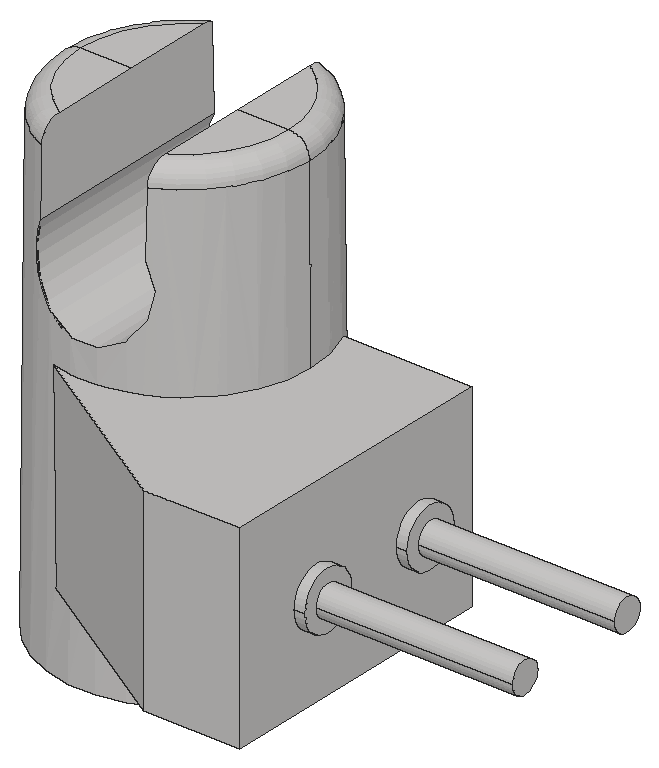
Revit family "Grohe_ShowerRailAndUnion_27595001", category Plumbing Fixtures, host Face, Revit 2020
Family settings
  Host = Face
  Round Connector Dimension = Use Diameter
  Part Type = Normal
  OmniClass Number = 23.45.05.00
  OmniClass Title = Sanitary Equipment
  Cut with Voids When Loaded = No
  Shared = No
  Room Calculation Point = No
Parameters (values of type "Shower Rail and Union (27595001)")
  _ObjectUserGuide = "https://www.bimstore.co/products/grohe-27595001/document/object-user-guide"
  _DistributedBy = "https://www.bimstore.co/"
  _CurrentRevision = 1
  _CreatedBy = "https://www.bimstore.co/"
  _BimSpecGuid = 0
  _BSBibleVersion = 17
  _AuthorizedBy = "bimstore"
  _Author = "RL 168"
  WarrantyStartDate [instance] = "Please Record on Commissioning"
  WarrantyGuarantorParts = "info-uk@grohe.com"
  WarrantyGuarantorLabor = "info-uk@grohe.com"
  WarrantyDurationUnit = "Years"
  WarrantyDurationParts = "0"
  WarrantyDurationLabor = "0"
  WarrantyDescription = "n/a"
  URL = "https://www.grohe.co.uk/en_gb/-27595001.html"
  TypeName = "Shower Rail and Union"
  Type Comments = "Shower Rail and Union"
  TPIDocumentLink = "https://cdn.cloud.grohe.com/tpi/2000/2200/2200/2208/2208653/original/2208653.pdf\r\nhttps://cdn.cloud.grohe.com/tpi/2000/2100/2170/2172/2172052/original/2172052.pdf"
  SustainabilityReport = "green.grohe.com/reporting"
  SustainabilityAward = "green.grohe.com/awards"
  SpareParts = "info-uk@grohe.com"
  Size = "n/a"
  Shape = "n/a"
  SerialNumber [instance] = "Please Record on Commissioning"
  ReplacementCost = "n/a"
  ReferencedStandard = "n/a"
  ProductionYear = "2141"
  ProductType = "Shower Rail and Union"
  ProductShortText = "n/a"
  ProductNumber = "27595001"
  ProductDescription = "n/a"
  PrimaryMaterial = Grohe_Chrome
  PQDiagramLink = "n/a"
  NominalLength = 0 mm
  NominalHeight = 0 mm
  NominalDepth = 0 mm
  NBSReference = "45-35-70/330"
  NBSOfficeMasterTag = "n/a"
  NBSObjectName = "Grohe - Shower fittings package"
  NBSNote = "n/a"
  NBSDescription = "Shower fittings package"
  ModelReference = "Shower Rail and Union"
  ModelNumber = "27595001"
  Model = "Shower Rail and Union"
  Material = "n/a"
  ManufacturerName = "Grohe"
  Manufacturer = "Grohe"
  Keynote = "N131"
  InstallationVideo = "n/a"
  InstallationDate [instance] = "Please Record on Commissioning"
  IfcExportType = "IfcPipeFittingType"
  IfcExportAs = "IfcPipeFitting"
  Grade = "n/a"
  GROHESustainability = "green.grohe.com"
  GROHESocialCommittment = "green.grohe.com/social_engagement"
  FullRecyclabilityOfPlastic = "All plastic components are fully recycable"
  Finish = "n/a"
  Features = "n/a"
  ExpectedLife = 0
  Ecojoy = no
  EF025221 = "true"
  EF025107 = "FALSE"
  EF025094 = "1750"
  EF024885 = "false"
  EF024792 = "true"
  EF024049 = "false"
  EF024048 = "false"
  EF024047 = "620"
  EF024046 = "false"
  EF024045 = "true"
  EF023686 = "not applicable"
  EF023440 = "true"
  EF022281 = "false"
  EF022280 = "true"
  EF022252 = "true"
  EF022168 = "TRUE"
  EF022135 = "TRUE"
  EF006009 = "true"
  EF002671 = "Chrome"
  EF001707 = "70 °C"
  DurationUnit = "Years"
  DocumentationTechnical = "https://www.bimstore.co/products/grohe-27595001/document/technical-data-sheet"
  DocumentationMaintenance = "https://www.bimstore.co/products/grohe-27595001/document/maintenance-information"
  DocumentationLiterature = "https://www.bimstore.co/products/grohe-27595001/document/product-literature"
  DocumentationInstallationGuide = "https://www.bimstore.co/products/grohe-27595001/document/installation-guide"
  DocumentationCertificates = "https://www.bimstore.co/products/grohe-27595001/document/product-certificates"
  DimensionsDocumentLink = "https://cdn.cloud.grohe.com/dimdraw/1000/1900/1910/1918/1918942/1280/1918942.jpg"
  Description = "Shower Rail and Union"
  Default Elevation = 0 mm
  CreatedOn = "2023-09-01T:09:00:00"
  CreatedBy = "info-uk@grohe.com"
  CradleToCradleCertification = "n/a"
  Cost = 0
  Constituents = "n/a"
  Color = "Chrome"
  CodePerformance = "n/a"
  ClassificationValue = "Pr_40_20_87_75"
  ClassificationName = "Uniclass2015"
  CO2NeutralProduction = "GROHE is one of the first leading manufacturer within the sanitary industry having a CO2-neutral production."
  BarCode [instance] = "Please Record on Commissioning"
  BIMObjectName = "Grohe_ShowerRailAndUnion_27595001"
  AssetType = "Fixed"
  AssetIdentifier [instance] = "n/a"
  Assembly Code = "D2128"
  AccessibilityPerformance = "n/a"
Reference planes
  plane 1 "Center (Front/Back)": y = 0
  plane 2: z = 0
  plane 3 "Center (Left/Right)": x = 0
Forms (mm)
  Extrusion 1, void
    sketch origin (0, 0, -0.938) x (1, 0, 0) y (0, 0, 1)
      loop
        arc (-9.051, 69.433) -> (0, 54.19) -> (9.051, 69.433) r 10.308
        line (9.051, 69.433) -> (9.193, 85.779) -> (-9.193, 85.779) -> (-9.051, 69.433)
    from -30 to 30
  Revolve 2, solid, material "Grohe_Chrome" <- "PrimaryMaterial"
    sketch origin (0, 0, 0) x (1, 0, 0) y (0, 0, 1)
      loop
        line (0, 0) -> (0, 83.248) -> (-18.046, 83.248)
        arc (-18.046, 83.248) -> (-20.517, 82.231) -> (-21.556, 79.77) r 3.51
        line (-21.556, 79.77) -> (-22.271, 0) -> (0, 0)
      axis (0, 83.248) -> (0, 0)
    angle from 0 to 360
  Extrusion 3, void
    sketch origin (0, 0, 0) x (0, 1, 0) y (0, 0, 1)
      loop
        arc (17.693, 50.615) -> (18.027, 48.264) -> (18.966, 46.083) r 8.985
        arc (18.966, 46.083) -> (23.652, 41.199) -> (30, 38.851) r 15.109
        line (30, 38.851) -> (30, 89.5) -> (17.354, 89.5) -> (17.693, 50.615)
    from -30 to 30
  Extrusion 4, solid, material "Grohe_Chrome" <- "PrimaryMaterial"
    sketch origin (0, 0, 0) x (1, 0, 0) y (0, 1, 0)
      loop
        line (-6.914, -20.41) -> (25.282, -40.528) -> (42, -40.528) -> (42, 9.472) -> (19.089, 9.472)
        arc (19.089, 9.472) -> (21.149, 2.998) -> (20.896, -3.791) r 19.771
        arc (20.896, -3.791) -> (18.275, -10.613) -> (13.677, -16.294) r 23.395
        arc (13.677, -16.294) -> (8.604, -19.654) -> (2.769, -21.38) r 20.55
        arc (2.769, -21.38) -> (-2.131, -21.477) -> (-6.914, -20.41) r 20.55
    from 13.73 to 47.8
  Extrusion 5, solid, material "Grohe_Chrome" <- "PrimaryMaterial"
    sketch origin (0, 0, 0) x (0, 1, 0) y (0, 0, 1)
      loop
        circle (-24.044, 30.14) r 5
      loop
        circle (-1.949, 30.168) r 5
    from 42 to 44
  Extrusion 6, solid, material "Grohe_Chrome" <- "PrimaryMaterial"
    sketch origin (0, 0, 0) x (0, 1, 0) y (0, 0, 1)
      loop
        circle (-24.044, 30.14) r 2.695
      loop
        circle (-1.949, 30.168) r 2.702
    from 44 to 78.033
Cuts and joins
  Extrusion 1, Extrusion 3 cuts Revolve 2
  joined: Revolve 2, Extrusion 4, Extrusion 5, Extrusion 6
Dimensions and locks
  aligned and locked: plane 2 to host face
  aligned and locked: level to host face
